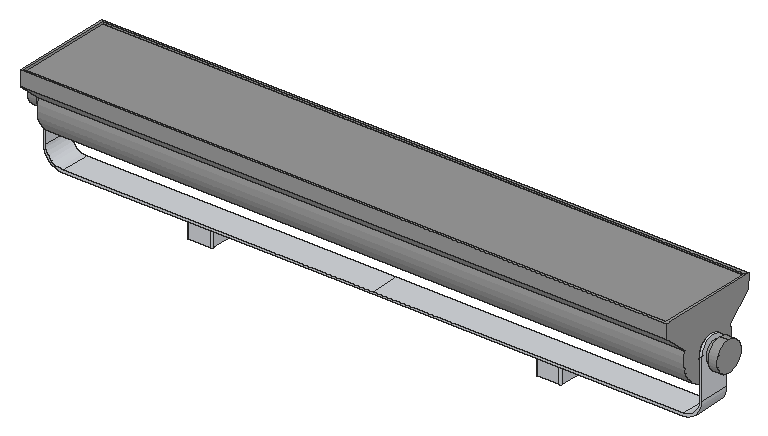
Revit family "Alcon-13126-20-Revit-Family", category Generic Models, host Face, Revit 2025
Family settings
  Host = Face
  Can host rebar = No
  Round Connector Dimension = Use Diameter
  Part Type = Normal
  Cut with Voids When Loaded = No
  Maintain Annotation Orientation = No
  Shared = No
  Room Calculation Point = No
Parameters
  URL = "https://www.alconlighting.com/?srsltid=AfmBOooDPhGQ0dEP-X2PMtxFfvvWpIAEL4jCll_O2F4_to5onvhnBomy"
  Product Page URL = "https://www.alconlighting.com/13126-26.html"
  Model = "13126-26"
  Manufacturer = "ALCON Lighter"
  Fixture Rotation = 90.00°
  Default Elevation = 4' - 0"
Reference planes (in)
  plane 1 "Center (Front/Back)": y = 0
  plane 2: z = 0
  plane 3 "Center (Left/Right)": x = 0
  plane 4: z = 2.21166
Forms (in)
  Extrusion 1, solid
    sketch origin (0, 0.03835, 2.21166) x (1, 0, 0) y (0, 0, -1)
      loop
        line (0, 1.64916) -> (9.1288, 1.64916)
        arc (9.1288, 1.64916) -> (9.48235, 1.50272) -> (9.6288, 1.14916) r 0.5
        line (9.6288, 1.14916) -> (9.6288, -0.50555) -> (9.6913, -0.50555) -> (9.6913, 1.14824)
        arc (9.6913, 1.14824) -> (9.52627, 1.54664) -> (9.12787, 1.71166) r 0.56342
        line (9.12787, 1.71166) -> (0, 1.71166) -> (-9.10341, 1.71166)
        arc (-9.10341, 1.71166) -> (-9.50181, 1.54664) -> (-9.66683, 1.14824) r 0.56342
        line (-9.66683, 1.14824) -> (-9.66683, -0.50546) -> (-9.60433, -0.50546) -> (-9.60433, 1.14916)
        arc (-9.60433, 1.14916) -> (-9.45788, 1.50272) -> (-9.10433, 1.64916) r 0.5
        line (-9.10433, 1.64916) -> (0, 1.64916)
    from -0.47585 to 0.39915
  Extrusion 2, solid
    sketch origin (5.125, 0, 0.5) x (-1, 0, 0) y (0, 1, 0)
      loop
        arc (-0.375, -0.3125) -> (-0.35669, -0.35669) -> (-0.3125, -0.375) r 0.0625
        line (-0.3125, -0.375) -> (0.3125, -0.375)
        arc (0.3125, -0.375) -> (0.35669, -0.35669) -> (0.375, -0.3125) r 0.0625
        line (0.375, -0.3125) -> (0.375, 0.3125)
        arc (0.375, 0.3125) -> (0.35669, 0.35669) -> (0.3125, 0.375) r 0.0625
        line (0.3125, 0.375) -> (-0.3125, 0.375)
        arc (-0.3125, 0.375) -> (-0.35669, 0.35669) -> (-0.375, 0.3125) r 0.0625
        line (-0.375, 0.3125) -> (-0.375, -0.3125)
    from 0 to 0.5
  Extrusion 3, void
    sketch origin (0, 0, 0) x (0, -1, 0) y (0, 0, 1)
      loop
        arc (-0.4375, 2.21166) -> (0, 2.64916) -> (0.4375, 2.21166) r 0.4375
        line (0.4375, 2.21166) -> (0.4375, 0.3496) -> (0.5625, 0.3496) -> (0.5625, 2.77416) -> (-0.5625, 2.77416) -> (-0.5625, 0.3496) -> (-0.4375, 0.3496) -> (-0.4375, 2.21166)
    from -13.50258 to 13.66502
  Extrusion 4, solid
    sketch origin (-5.125, 0, 0.5) x (-1, 0, 0) y (0, 1, 0)
      loop
        arc (-0.375, -0.3125) -> (-0.35669, -0.35669) -> (-0.3125, -0.375) r 0.0625
        line (-0.3125, -0.375) -> (0.3125, -0.375)
        arc (0.3125, -0.375) -> (0.35669, -0.35669) -> (0.375, -0.3125) r 0.0625
        line (0.375, -0.3125) -> (0.375, 0.3125)
        arc (0.375, 0.3125) -> (0.35669, 0.35669) -> (0.3125, 0.375) r 0.0625
        line (0.3125, 0.375) -> (-0.3125, 0.375)
        arc (-0.3125, 0.375) -> (-0.35669, 0.35669) -> (-0.375, 0.3125) r 0.0625
        line (-0.375, 0.3125) -> (-0.375, -0.3125)
    from 0 to 0.5
Cuts and joins
  Extrusion 3 cuts Extrusion 1
Lines and regions (in)
  model lines
    curve 1: line (-151.5, 0, -3.25) -> (-151.5, 0, -9)
Dimensions and locks (in)
  "Fixture Rotation": angle nested 1 to plane 4
  aligned and locked: plane 2 to host face
  aligned and locked: level to host face
Automatic sketch dimensions
  curve 1 to level = 0' - 9"
  curve 1 to plane 3 "Center (Left/Right)" = 12' - 7 1/2"
  curve 1 to level = 0' - 3 1/4"
  host sketch curve to host sketch curve = 8' - 0"  (x2)
  Extrusion 1 sketch curve to plane 3 "Center (Left/Right)" = 0' - 0"  (x2)
  level to Extrusion 1 sketch curve = 0' - 0 1/2"
  Extrusion 1 sketch curve to plane 3 "Center (Left/Right)" = 0' - 9.10341"
  Extrusion 1 sketch curve to Extrusion 1 sketch curve = 0' - 0.00092"  (x3)
  Extrusion 1 sketch curve to Extrusion 1 sketch curve = 0' - 0 1/2"
  Extrusion 1 sketch curve to Extrusion 1 sketch curve = 0' - 0 1/16"  (x2)
  level to Extrusion 1 sketch curve = 0' - 1.06342"
  plane 3 "Center (Left/Right)" to Extrusion 1 sketch curve = 0' - 9.12787"
  Extrusion 1 sketch curve to plane 4 = 0' - 0.50546"
  Extrusion 1 sketch curve to plane 4 = 0' - 0.50555"
  plane 1 "Center (Front/Back)" to Extrusion 2 sketch curve = 0' - 0 5/16"
  plane 3 "Center (Left/Right)" to Extrusion 2 sketch curve = 0' - 5 1/2"
  Extrusion 2 sketch curve to Extrusion 2 sketch curve = 0' - 0 1/16"  (x3)
  Extrusion 2 sketch curve to plane 1 "Center (Front/Back)" = 0' - 0 5/16"
  Extrusion 2 sketch curve to Extrusion 2 sketch curve = 0' - 0 5/8"  (x2)
  plane 4 to Extrusion 3 sketch curve = 0' - 0"
  Extrusion 3 sketch curve to plane 1 "Center (Front/Back)" = 0' - 0"
  Extrusion 3 sketch curve to plane 1 "Center (Front/Back)" = 0' - 0 7/16"
  Extrusion 3 sketch curve to Extrusion 3 sketch curve = 0' - 0 1/8"
  plane 1 "Center (Front/Back)" to Extrusion 3 sketch curve = 0' - 0 9/16"
  level to Extrusion 3 sketch curve = 0' - 0.3496"  (x2)
  Extrusion 3 sketch curve to plane 4 = 0' - 0 9/16"
  plane 1 "Center (Front/Back)" to Extrusion 4 sketch curve = 0' - 0 5/16"
  Extrusion 4 sketch curve to plane 3 "Center (Left/Right)" = 0' - 4 3/4"
  Extrusion 4 sketch curve to Extrusion 4 sketch curve = 0' - 0 1/16"  (x3)
  Extrusion 4 sketch curve to plane 1 "Center (Front/Back)" = 0' - 0 5/16"
  Extrusion 4 sketch curve to Extrusion 4 sketch curve = 0' - 0 5/8"  (x2)
Nested families (in)
  nested 1: "Alcon - 13126-20 Box_" at (0, 0, 2.21166) x (0, 0, -1) z (1, 0, 0), type "Alcon - 13126-20 Box_"
    with built-in parameter 1001306 0.69472 (stored number, unit not read)
Definition of nested family "Alcon - 13126-20 Box_"
  Parameters (values of type "Alcon - 13126-20 Box_")
    Wattage = 9.2903 W
    built-in parameter 1150110 = 1 (stored number, unit not read)
    built-in parameter 1114217 = 1 (stored number, unit not read)
    Tilt Angle = 60.00°
    built-in parameter 1150109 = 1 (stored number, unit not read)
    built-in parameter 1150134 = 3
    built-in parameter 1150113 = 1 (stored number, unit not read)
    built-in parameter 1010507 = 1.5708 (stored number, unit not read)
    built-in parameter 1010506 = 0.5236 (stored number, unit not read)
    built-in parameter 1150105 = 4614.1 (stored number, unit not read)
    Lumens = 1380 lm
    built-in parameter 1150115 = 1 (stored number, unit not read)
    Light Source Symbol Length = 10' - 0"
    built-in parameter 1150137 = (empty or 0)
    built-in parameter 1150139 = (empty or 0)
    built-in parameter 1001306 [instance] = 4' - 0"
    built-in parameter 1150112 = 1 (stored number, unit not read)
    built-in parameter 1150114 = 1 (stored number, unit not read)
    built-in parameter 1150132 = (empty or 0)
    built-in parameter 1150102 = (empty or 0)
    built-in parameter 1150107 = 3200 (stored number, unit not read)
    built-in parameter 1150138 = (empty or 0)
    built-in parameter 1150106 = 46.141 (stored number, unit not read)
    Glass Frosted = none
    built-in parameter 1150104 = 13.8 (stored number, unit not read)
    Dimming Lamp Color Temperature Shift = (empty or 0)
    Default Elevation = 0' - 0"
    Color Filter = 16777215
    Body = none
    built-in parameter 1114218 = 1 (stored number, unit not read)
    built-in parameter 1150133 = 10 (stored number, unit not read)
  Reference planes (in)
    plane 1 "Center (Front/Back)": y = 0
    plane 2: z = 0
    plane 3 "Left": x = 0
    plane 4 "Right": x = 48
  Forms (in)
    Extrusion 1, solid, material <- "Body"
      sketch origin (0, -0.82692, 2.54268) x (0, -1, 0) y (1, 0, 0)
        loop
          line (0.67308, -1.3125) -> (0.67308, -0.875) -> (0, -0.28606)
          arc (0, -0.28606) -> (-0.82692, 0.875) -> (-1.65384, -0.28606) r 0.875
          line (-1.65384, -0.28606) -> (-2.32692, -0.875) -> (-2.32692, -1.3125) -> (0.67308, -1.3125)
      from -12.04268 to 6.95732
    Extrusion 2, void
      sketch origin (0, 0, 0) x (1, 0, 0) y (0, 1, 0)
        loop
          line (-1.375, 1.4375) -> (-1.375, -1.4375) -> (-0.90336, -1.4375) -> (-0.30463, -0.75323) -> (-0.30463, 0.75323) -> (-0.90336, 1.4375) -> (-1.375, 1.4375)
      from -9.4375 to 9.4375
    Extrusion 3, solid, material <- "Glass Frosted"
      sketch origin (0, 0, 0) x (0, 1, 0) y (0, 0, 1)
        loop
          line (1.4375, 9.4375) -> (-1.4375, 9.4375) -> (-1.4375, -9.4375) -> (1.4375, -9.4375) -> (1.4375, 9.4375)
      from -1.26766 to -1.2223
    Extrusion 4, solid, material <- "Body"
      sketch origin (0, 0, 0) x (1, 0, 0) y (0, 1, 0)
        loop
          circle (0, 0) r 0.4375
      from -10.125 to 10.125
    Extrusion 5, void
      sketch origin (0, 0, 0) x (1, 0, 0) y (0, 1, 0)
        loop
          circle (0, 0) r 0.4375
        loop
          circle (0, 0) r 0.3125
      from -9.875 to 9.875
  Cuts and joins
    Extrusion 2 cuts Extrusion 1
    Extrusion 5 cuts Extrusion 4
  Lines and regions (in)
    reference lines
      curve 1: line (0, 0, 0) -> (48, 0, 0)
    model lines
      curve 2: line (0, 0, 0) -> (-13.25, 0, 0)
      curve 3: line (0, 0, 0) -> (-13.25, 0, 0)
      curve 4: line (0, 0, 0) -> (-13.25, 0, 0)
  Dimensions and locks (in)
    "built-in parameter 1001306": plane 3 "Left" to plane 4 "Right"
    cut or joined group of Extrusion 1, Extrusion 2 to Extrusion 3 = 1' - 6 15/16"
    aligned and locked: plane 4 "Right" to curve 1
    aligned and locked: plane 1 "Center (Front/Back)" to curve 1
    aligned and locked: plane 3 "Left" to curve 1
    aligned and locked: level to plane 2
  Automatic sketch dimensions
    Extrusion 1 sketch curve to Extrusion 1 sketch curve = 0' - 0.67308"  (x2)
    Extrusion 1 sketch curve to Extrusion 1 sketch curve = 0' - 0.82692"
    Extrusion 1 sketch curve to Extrusion 1 sketch curve = 0' - 0 7/16"
    plane 1 "Center (Front/Back)" to Extrusion 1 sketch curve = 0' - 0"
    Extrusion 1 sketch curve to plane 3 "Left" = 0' - 0"
    Extrusion 1 sketch curve to plane 3 "Left" = 0' - 0.28606"
    plane 1 "Center (Front/Back)" to Extrusion 1 sketch curve = 0' - 0.82692"
    Extrusion 1 sketch curve to plane 3 "Left" = 0' - 0 7/8"  (x2)
    Extrusion 2 sketch curve to plane 3 "Left" = 0' - 0.30463"
    Extrusion 2 sketch curve to plane 3 "Left" = 0' - 0.90336"  (x2)
    Extrusion 2 sketch curve to Extrusion 2 sketch curve = 0' - 0.47164"
    plane 1 "Center (Front/Back)" to Extrusion 2 sketch curve = 0' - 0.75323"
    Extrusion 2 sketch curve to Extrusion 2 sketch curve = 0' - 0.68427"  (x2)
    Extrusion 2 sketch curve to plane 1 "Center (Front/Back)" = 0' - 0.75323"
    Extrusion 3 sketch curve to plane 1 "Center (Front/Back)" = 0' - 1 7/16"
    level to Extrusion 3 sketch curve = 0' - 9 7/16"
    plane 1 "Center (Front/Back)" to Extrusion 3 sketch curve = 0' - 1 7/16"
    Extrusion 3 sketch curve to level = 0' - 9 7/16"
    plane 1 "Center (Front/Back)" to curve 2 = 0' - 0"
    curve 2 to plane 3 "Left" = 0' - 0"
    curve 2 to curve 2 = 1' - 1 1/4"
    plane 1 "Center (Front/Back)" to Extrusion 4 sketch curve = 0' - 0"
    Extrusion 4 sketch curve to plane 3 "Left" = 0' - 0"
    curve 3 to plane 3 "Left" = 0' - 0"
    plane 1 "Center (Front/Back)" to Extrusion 5 sketch curve = 0' - 0"
    Extrusion 5 sketch curve to plane 3 "Left" = 0' - 0"
    Extrusion 5 sketch curve to Extrusion 5 sketch curve = 0' - 0 7/16"
    Extrusion 5 sketch curve to Extrusion 5 sketch curve = 0' - 0"  (x2)
    Extrusion 5 sketch curve to Extrusion 5 sketch curve = 0' - 0 1/8"
    plane 1 "Center (Front/Back)" to curve 3 = 0' - 0"
    curve 3 to curve 2 = 0' - 0"
    curve 4 to plane 3 "Left" = 0' - 0"
    plane 1 "Center (Front/Back)" to curve 4 = 0' - 0"
    curve 4 to curve 3 = 0' - 0"
    radius of Extrusion 4 sketch curve = 0' - 0 7/16"
